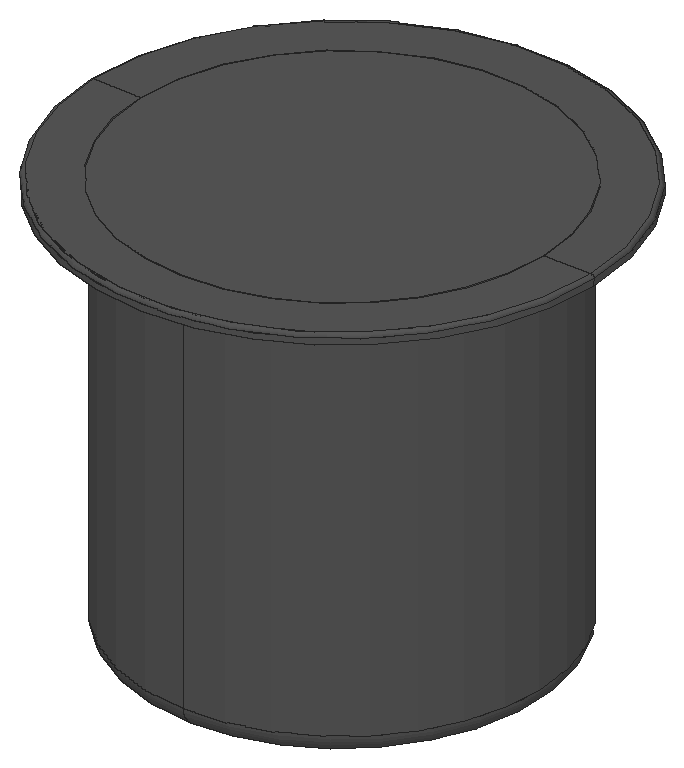
Revit family "Electronics_Commercial-Loudspeakers_Dual-Cone-Loudspeaker_CM4", category Communication Devices, host Face, Revit 2020
Family settings
  Host = Face
  Maintain Annotation Orientation = No
  Round Connector Dimension = Use Diameter
  Part Type = Normal
  OmniClass Number = 23.85.10.11.14.14.14
  OmniClass Title = Loudspeakers
  Cut with Voids When Loaded = No
  Shared = No
  Room Calculation Point = No
Parameters (values of type "CM4 B")
  Grill Material = Biamp - Plastic - Black(Grid)
  Frequency response in Hz = "100 - 20K"  # constant formula
  Woofer size in inch = "4"  # constant formula
  Vertical dispersion angle 1000 Hz = "180°"  # constant formula
  Tweeter size in inch = "1"  # constant formula
  SPL 1W/1m in dB = "88"  # constant formula
  Max SPL 1m in dB = "103"  # constant formula
  Woofer cone material = "Coated paper"  # constant formula
  Weight = 1.74165 lbf  # constant formula
  URL = "https://www.biamp.com/"
  Product data url = "https://bimobject.com/biamp/product/cm4_commercial-loudspeakers-ceiling"
  Product Page URL = "https://www.biamp.com/products/product-families/commercial-loudspeakers/ceiling-loudspeakers#cm4"
  Product Documentation Link = "https://downloads.biamp.com/assets/docs/default-source/data-sheets/biamp_data_sheet_cm4_aug20.pdf"
  Mounting system = "2 springs"  # constant formula
  Model = "CM4 B"
  Manufacturer = "Biamp"  # constant formula
  Main construction material = "Steel"  # constant formula
  Low impedance dynamic power in watts = "30"  # constant formula
  Low impedance RMS power in watts = "15"  # constant formula
  Loudspeaker system = "Dual cone"  # constant formula
  Installation grip range in mm = "1 - 15"  # constant formula
  Impedance in ohms = "16"  # constant formula
  IP rating = "60"  # constant formula
  Housing Material = Biamp - Plastic - Black
  Grille main material = "Aluminium"  # constant formula
  Diameter = 0' - 5.31496"  # constant formula
  Description = "CM4 4 Dual Cone Loudspeaker with Back Can"  # constant formula
  Depth = 0' - 4.2126"  # constant formula
  Default Elevation = 4' - 0"
  Cutout in mm = "108"  # constant formula
  Connector Description = "Terminal strip; Low impedance 16 ohms"  # constant formula
  Colour = "Black"
  Closest RAL colour (subject to deviations) = "RAL9011 (BL)"
  Applicable low impedance = "Yes"  # constant formula
Types (2): name | Grill Material | Model | Housing Material | Colour | Closest RAL colour (subject to deviations)
  CM4 B | Biamp - Plastic - Black(Grid) | "CM4 B" | Biamp - Plastic - Black | "Black" | "RAL9011 (BL)"
  CM4 W | Biamp - Plastic - White(Grid) | "CM4 W" | Biamp - Plastic - White | "White" | "RAL9010 (W)"
Reference planes (in)
  plane 1 "Center (Front/Back)": y = 0
  plane 2: z = 0
  plane 3 "Center (Left/Right)": x = 0
Forms (in)
  Extrusion 1, solid, material "Biamp - Plastic - Black" <- "Housing Material", detail levels coarse
    sketch origin (0, 0, 0) x (1, 0, 0) y (0, 1, 0)
      loop
        circle (0, 0) r 2.12598
    from -4.2126 to 0
  Extrusion 2, void
    sketch origin (0, 0, 0) x (1, 0, 0) y (0, 1, 0)
      loop
        circle (0, 0) r 2.12598
    from -4.2126 to 0
  Revolve 3, solid, material "Biamp - Plastic - Black" <- "Housing Material", detail levels medium+fine
    sketch origin (0, 0, 0) x (1, 0, 0) y (0, 0, 1)
      loop
        line (0, 0) -> (0, 0.10089) -> (-2.61902, 0.10089)
        arc (-2.61902, 0.10089) -> (-2.64622, 0.08962) -> (-2.65748, 0.06243) r 0.03846
        line (-2.65748, 0.06243) -> (-2.65748, 0) -> (0, 0)
      axis (0, 0) -> (0, 0.10089)
    angle from 0 to 360
  Revolve 4, solid, material "Biamp - Plastic - Black" <- "Housing Material", detail levels medium+fine
    sketch origin (0, 0, 0) x (0, 1, 0) y (0, 0, 1)
      loop
        line (0, 0) -> (-2.12598, 0) -> (-2.12598, -0.09013) -> (-2.08864, -0.09013) -> (-2.08864, -4.01575)
        arc (-2.08864, -4.01575) -> (-2.03099, -4.15494) -> (-1.89179, -4.2126) r 0.19685
        line (-1.89179, -4.2126) -> (0, -4.2126) -> (0, 0)
      axis (0, 0) -> (0, -4.2126)
    angle from 0 to 360
  Extrusion 5, void
    sketch origin (0, 0.7997, 0) x (1, 0, 0) y (0, 1, 0)
      loop
        circle (0, -0.93002) r 0.31045
    from -4.26981 to -4.19787
  Revolve 6, solid, material "Biamp - Plastic - Black" <- "Housing Material", detail levels coarse
    sketch origin (0, 0, 0) x (1, 0, 0) y (0, 0, 1)
      loop
        line (0, 0) -> (0, 0.10089) -> (-2.61902, 0.10089)
        arc (-2.61902, 0.10089) -> (-2.64622, 0.08962) -> (-2.65748, 0.06243) r 0.03846
        line (-2.65748, 0.06243) -> (-2.65748, 0) -> (0, 0)
      axis (0, 0) -> (0, 0.10089)
    angle from 0 to 360
  Extrusion 7, void
    sketch origin (0, 0, 0) x (1, 0, 0) y (0, 1, 0)
      loop
        circle (0, 0) r 2.12598
    from 0 to 0.38008
  Extrusion 8, solid, material "Biamp - Plastic - Black(Grid)" <- "Grill Material", detail levels medium+fine
    sketch origin (0, 0, 0) x (1, 0, 0) y (0, 1, 0)
      loop
        circle (0, 0) r 2.12598
    from 0 to 0.10089
Cuts and joins
  Extrusion 5, Extrusion 7 cuts Extrusion 1
  Extrusion 5, Extrusion 7 cuts Revolve 3
  Extrusion 5, Extrusion 7 cuts Revolve 4
Lines and regions (in)
  Masking region 1
    outline origin (0, 0, 0) x (1, 0, 0) y (0, 1, 0)
      loop
        circle (0, 0) r 2.65748
  Masking region 2
    outline origin (0, 0, 0) x (1, 0, 0) y (0, 1, 0)
      loop
        circle (0, 0) r 2.12598
  Masking region 3
    outline origin (0, 0, 0) x (1, 0, 0) y (0, 0, 1)
      loop
        line (-2.1245, 0) -> (-2.1245, -4.2126) -> (2.13285, -4.2126) -> (2.13285, 0) -> (-2.1245, 0)
  Masking region 4
    outline origin (0, 0, 0) x (1, 0, 0) y (0, 0, 1)
      loop
        line (2.65748, 0) -> (2.65748, 0.06157)
        arc (2.65748, 0.06157) -> (2.64597, 0.08937) -> (2.61817, 0.10089) r 0.03931
        line (2.61817, 0.10089) -> (-2.61817, 0.10089)
        arc (-2.61817, 0.10089) -> (-2.64597, 0.08937) -> (-2.65748, 0.06157) r 0.03931
        line (-2.65748, 0.06157) -> (-2.65748, 0) -> (2.65748, 0)
Dimensions and locks (in)
  aligned and locked: plane 2 to host face
  aligned and locked: level to host face
Connectors (in)
  electrical at (0, -0.13032, -4.19787), driven by "Connector Description"
    settings: on cut or joined group of Extrusion 1, Extrusion 5, Extrusion 7, index 1, voltage 0 V, apparent load 0 VA, apparent load phase1 0 VA, apparent load phase2 0 VA, apparent load phase3 0 VA, power factor 1, load classification "Other", number of poles 1, system type 5, power factor state 1, is connector primary yes, connector utility no, sub classification motor no, connector description "Terminal strip; Low impedance 16 ohms"
